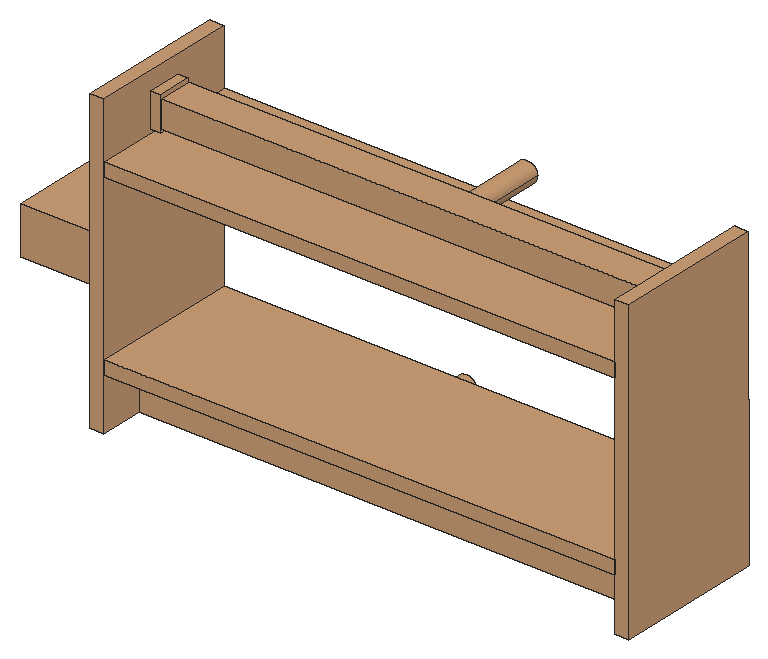
Revit family
Parameters
  Center Of Unit = 0' - 0"  # constant formula
  Water Pressure Drop [instance] = 0.00 psi
  Water Flow [instance] = 0 GPM
  Unit Weight (lbs) = 558
  URL = "http://www.ljwing.com/"
  Water Outlet Radius = 0' - 1 1/2"
  Water Outlet Odd sizes = 0' - 5 23/64"
  Total Heating Capacity [instance] = 0.0 Btu/h
  Temperature Rise [instance] = 0 °F
  Series = "VIFB"
  Outlet Area = 12.50 SF
  Number of Rows = 1  # constant formula
  Number of Coils [instance] = 0
  Nominal Length = 6' - 7 1/16"
  Model = "VA-07"
  Manufacturer = "LJ Wing"
  Leaving Water Temperature [instance] = 0 °F
  Leaving Air Temperature [instance] = 0 °F
  Face Velocity (FPM) [instance] = 0
  Entering Water Temperature [instance] = 0 °F
  Entering Air Temperature [instance] = 0 °F
  Description = "Vertical Integral Face & Bypass Water Heating Coils"
  Hot Water Odd Sizes = 0' - 5 23/64"
  Hot Water Inlet Offset = 0' - 4 3/8"  # constant formula
  Hot Water Inlet  Radius = 0' - 1 1/2"
  Coil Face Area = Outlet Area * 0.56  # 7.00 SF
  Casing Material = ""
  Assembly Code = "D3020300"
  Air Pressure Drop [instance] = 0.00 in-wg
  Air Inlet Width = Nominal Length - 0' 4"  # 6' - 3 1/16"
  Air Inlet Height = Y  # 2' - 0"
  Air Flow [instance] = 0 CFM
  Z = 0' - 2 1/8"
  Y = 2' - 0"
  S = 0' - 9 3/4"
  Product URL = "http://www.ljwing.com/html/vifb.asp"
  OmniClass = "23-75 70 21 14"
  Nominal Height = 3' - 8"
  Nominal Depth = 1' - 10"
  R = 0' - 10 1/4"
  Q = 0' - 3 17/32"
  P = 0' - 5 1/8"
  L = 0' - 5 15/16"
Reference planes (in)
  plane 1 "Center (Front/Back)": y = 0
  plane 2: z = -12
  plane 3 "Center (Left/Right)": x = 0
  plane 4: z = 22.25
  plane 5: x = -39.53125
  plane 6: x = 39.53125
  plane 7: z = -21.75
  plane 8: z = 0
  plane 9: y = -11
  plane 10: y = 11
  plane 11: z = 12
  plane 12: z = 14
  plane 13: z = -14
  plane 14: x = 37.53125
  plane 15: x = -37.53125
  plane 16: z = 17.125
  plane 17: z = -15.8125
  plane 18: x = -36
  plane 19: x = 36
  plane 20: y = 13.125
  plane 21: y = 15.375
  plane 22: x = -50.53125
  plane 23: x = 5.35938
  plane 24: x = -5.35937
  plane 25: z = 19.125
  plane 26: z = 15.125
  plane 27: y = -2.5
  plane 28: y = 2.5
  plane 29: y = -4.5
Forms (in)
  Extrusion 1, solid, material "Painted Finish"
    sketch origin (0, 6, -9.75) x (1, 0, 0) y (0, 0, 1)
      loop
        line (-39.53125, -12) -> (-37.53125, -12) -> (-37.53125, 32) -> (-39.53125, 32) -> (-39.53125, -12)
      loop
        line (39.53125, -12) -> (39.53125, 32) -> (37.53125, 32) -> (37.53125, -12) -> (39.53125, -12)
    from -5 to 17
  Extrusion 2, solid, material "Painted Finish"
    sketch origin (0, 6, 0) x (1, 0, 0) y (0, 0, 1)
      loop
        line (37.53125, -12) -> (-37.53125, -12) -> (-37.53125, -14) -> (37.53125, -14) -> (37.53125, -12)
      loop
        line (37.53125, 12) -> (37.53125, 14) -> (-37.53125, 14) -> (-37.53125, 12) -> (37.53125, 12)
    from -5 to 17
  Extrusion 3, solid, material "Painted Finish"
    sketch origin (0, 10, -0.5) x (1, 0, 0) y (0, 0, 1)
      loop
        line (-39.53125, 4) -> (-50.53125, 4) -> (-50.53125, -3) -> (-39.53125, -3) -> (-39.53125, 4)
    from 0 to 20
  Extrusion 4, solid, material "Painted Finish"
    sketch origin (0, 6, 0) x (1, 0, 0) y (0, 0, 1)
      loop
        line (-35.90625, 19.125) -> (-35.90625, 15.125) -> (35.90625, 15.125) -> (35.90625, 19.125) -> (-35.90625, 19.125)
    from 3.5 to 8.5
  Extrusion 5, solid, material "Painted Finish"
    sketch origin (0, 0, 0) x (1, 0, 0) y (0, 0, 1)
      loop
        line (-35.90625, 14.625) -> (-35.90625, 19.625) -> (-37.53125, 19.625) -> (-37.53125, 14.625) -> (-35.90625, 14.625)
      loop
        line (37.53125, 14.625) -> (37.53125, 19.625) -> (35.90625, 19.625) -> (35.90625, 14.625) -> (37.53125, 14.625)
    from -2.5 to 2.5
  Extrusion 6, solid, material "Painted Finish"
    sketch origin (0, 23, 0) x (1, 0, 0) y (0, 0, 1)
      loop
        circle (5.35938, 17.125) r 1.5
    from 9.875 to 20.5
  Extrusion 7, solid, material "Painted Finish"
    sketch origin (0, 6, 0) x (1, 0, 0) y (0, 0, 1)
      loop
        line (-37.53125, -14) -> (-37.53125, -21.75) -> (37.53125, -21.75) -> (37.53125, -14) -> (-37.53125, -14)
    from -5 to 10.5
  Extrusion 8, solid, material "Painted Finish"
    sketch origin (0, 23, 0) x (1, 0, 0) y (0, 0, 1)
      loop
        circle (-5.35937, -15.8125) r 1.5
    from 7.625 to 12
  Extrusion 9, void
    sketch origin (0, 0, 0) x (1, 0, 0) y (0, 0, 1)
      loop
        line (-37.53125, 12) -> (-37.53125, -12) -> (37.53125, -12) -> (37.53125, 12) -> (-37.53125, 12)
    from -11 to 11
Cuts and joins
  Extrusion 9 cuts Extrusion 1
  Extrusion 9 cuts Extrusion 2
Dimensions and locks (in)
  "Nominal Length": plane 6 to plane 5
  equal spacing: plane 6, plane 3 "Center (Left/Right)", plane 5
  "S": plane 2 to plane 7
  "Nominal Depth": plane 10 to plane 9
  equal spacing: plane 10, plane 1 "Center (Front/Back)", plane 9
  "Y": plane 11 to plane 2
  "R": plane 4 to plane 11
  locked: plane 12 to plane 11 at 2
  locked: plane 2 to plane 13 at 2
  "P": plane 4 to plane 16
  "L": plane 17 to plane 7
  "Q": plane 18 to plane 5
  "Q": plane 6 to plane 19
  "Z": plane 20 to plane 10
  "Hot Water Inlet Offset": plane 21 to plane 10
  locked: plane 5 to plane 22 at 11
  locked: Extrusion 3 sketch curve to Extrusion 3 sketch curve at 7
  locked: Extrusion 3 to Extrusion 3 at 20
  locked: plane 6 to plane 14 at 2
  locked: plane 15 to plane 5 at 2
  "Water Outlet Odd sizes": plane 23 to plane 3 "Center (Left/Right)"
  "Hot Water Odd Sizes": plane 3 "Center (Left/Right)" to plane 24
  equal spacing: plane 25, plane 16, plane 26
  locked: Extrusion 5 sketch curve to plane 25 at 0.5
  locked: plane 26 to Extrusion 5 sketch curve at 0.5
  locked: Extrusion 6 sketch curve to plane 16 at 0
  locked: Extrusion 6 sketch curve to plane 23 at 0
  locked: Extrusion 8 sketch curve to plane 17 at 0
  locked: Extrusion 8 sketch curve to plane 24 at 0
  locked: plane 25 to plane 26 at 4
  locked: plane 28 to plane 27 at 5
  equal spacing: plane 28, plane 1 "Center (Front/Back)", plane 27
  locked: plane 27 to plane 29 at 2
  plane 4 to plane 7 = 3' - 8"
  locked: Extrusion 5 sketch curve to Extrusion 1 at 1.625
  locked: Extrusion 5 sketch curve to Extrusion 5 sketch curve at 1.625
  locked: Extrusion 9 sketch curve to plane 11 at 0
  locked: Extrusion 9 sketch curve to plane 15 at 0
  locked: Extrusion 9 sketch curve to plane 14 at 0
  locked: Extrusion 9 sketch curve to plane 2 at 0
  equal spacing: plane 11, plane 8, plane 2
  "Water Outlet Radius": radius of Extrusion 6 sketch curve
  "Hot Water Inlet  Radius": radius of Extrusion 8 sketch curve
  aligned and locked: plane 9 to Extrusion 1
  aligned and locked: Extrusion 1 to plane 10
  aligned and locked: plane 15 to Extrusion 1
  aligned and locked: Extrusion 1 to plane 14
  aligned and locked: plane 9 to Extrusion 2
  aligned and locked: Extrusion 1 to plane 9
  aligned and locked: plane 10 to Extrusion 1  (x2)
  aligned and locked: Extrusion 2 to plane 10
  aligned and locked: plane 10 to Extrusion 2  (x2)
  aligned and locked: Extrusion 2 to plane 9  (x2)
  aligned and locked: plane 5 to Extrusion 3
  aligned and locked: Extrusion 5 sketch curve to plane 15
  aligned and locked: Extrusion 5 sketch curve to Extrusion 4
  aligned and locked: Extrusion 6 to plane 20
  aligned and locked: Extrusion 1 to Extrusion 7
  aligned and locked: plane 10 to Extrusion 8
  aligned and locked: Extrusion 8 to plane 21  (x2)
  aligned and locked: plane 27 to Extrusion 5
  aligned and locked: Extrusion 5 to Extrusion 4  (x2)
  aligned and locked: Extrusion 5 to plane 28
  aligned and locked: Extrusion 6 to Extrusion 4
  aligned and locked: plane 29 to Extrusion 7
  aligned and locked: Extrusion 8 to Extrusion 7
  aligned and locked: Extrusion 4 to Extrusion 5  (x2)
  aligned and locked: Extrusion 5 to Extrusion 1  (x2)
  aligned and locked: plane 2 to Extrusion 2
  aligned and locked: plane 6 to Extrusion 1 sketch curve
  aligned and locked: plane 14 to Extrusion 1 sketch curve
  aligned and locked: Extrusion 1 sketch curve to plane 15
  aligned and locked: Extrusion 1 sketch curve to plane 5
  aligned and locked: plane 7 to Extrusion 1 sketch curve  (x2)
  aligned and locked: Extrusion 1 sketch curve to plane 4  (x2)
  aligned and locked: Extrusion 2 sketch curve to plane 11
  aligned and locked: Extrusion 2 sketch curve to plane 12
  aligned and locked: Extrusion 2 sketch curve to plane 14  (x2)
  aligned and locked: Extrusion 2 sketch curve to plane 15  (x2)
  aligned and locked: Extrusion 2 sketch curve to plane 13
  aligned and locked: plane 2 to Extrusion 2 sketch curve
  aligned and locked: plane 13 to Extrusion 7 sketch curve
  aligned and locked: Extrusion 7 sketch curve to plane 7
  aligned and locked: Extrusion 7 sketch curve to plane 14
  aligned and locked: plane 15 to Extrusion 7 sketch curve
  aligned and locked: Extrusion 7 to plane 29
  aligned and locked: cut or joined group of Extrusion 1, Extrusion 9 to plane 10
Automatic sketch dimensions
  Extrusion 3 sketch curve to plane 22 = 0' - 0"
  Extrusion 3 sketch curve to plane 5 = 0' - 0"
  plane 8 to Extrusion 3 sketch curve = 0' - 3 1/2"
  Extrusion 4 sketch curve to plane 25 = 0' - 0"
  Extrusion 4 sketch curve to plane 26 = 0' - 0"
  plane 18 to Extrusion 4 sketch curve = 0' - 0 3/32"
  Extrusion 4 sketch curve to plane 19 = 0' - 0 3/32"
  plane 26 to Extrusion 5 sketch curve = 0' - 0 1/2"
  Extrusion 5 sketch curve to plane 25 = 0' - 0 1/2"
Connectors (in)
  hvac at (0, -11, 0), driven by "Air Inlet Height", driven by "Air Inlet Width", driven by "Air Flow", driven by "Air Pressure Drop"
    settings: on Extrusion 9, index 1
  hvac at (0, 11, 0), driven by "Air Pressure Drop", driven by "Air Inlet Height", driven by "Air Inlet Width", driven by "Air Flow"
    settings: on Extrusion 9, index 2
  piping at (5.35938, 13.125, 17.125), driven by "Water Flow", driven by "Water Outlet Radius", driven by "Water Pressure Drop"
    settings: on Extrusion 6, index 3
  piping at (-5.35937, 15.375, -15.8125), driven by "Water Flow", driven by "Water Pressure Drop", driven by "Hot Water Inlet  Radius"
    settings: on Extrusion 8, index 4
